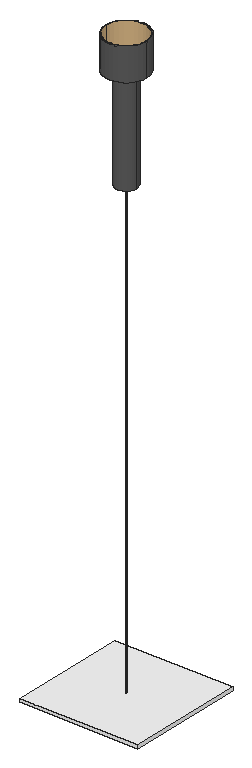
Revit family "BE_50980.4_de_DE", category Leuchten, Revit 2020
Family settings
  Basisbauteil = Fläche
  Bemaßung runder Anschluss = Durchmesser verwenden
  Teiletyp = Normal
  Beim Laden mit Abzugskörper schneiden = Ja
  Lichtquelle = Ja
  Gemeinsam genutzt = Nein
  Raumberechnungspunkt = Ja
Parameters (values of type "BEGA_50980.4_K3")
  built-in parameter 1150104 = 11.947 (stored number, unit not read)
  Wattage = 24.5 W
  Default Elevation = 0 mm
  built-in parameter 1150113 = 1 (stored number, unit not read)
  built-in parameter 1114218 = 1 (stored number, unit not read)
  Umgebungstemperatur = "25 °C"
  URL = "https://www.bega.com/de/produkt/50980.4"
  Typenkommentare = "© 2022 BEGA. Wir behalten uns das Recht vor, technische Änderungen ohne vorherige Ankündigung vorzunehmen."  # constant formula
  built-in parameter 1150134 = (empty or 0)
  built-in parameter 1150109 = 1 (stored number, unit not read)
  Strom = "0,7 A"
  built-in parameter 1150110 = 1 (stored number, unit not read)
  Spannung = 0 V
  Sonderanfertigung = no
  Seriennummer [instance] = "Hier können Sie die eindeutige Seriennummer für das Facility Management eintragen."
  Schutzklasse = "III"
  Schutzart = "IP 20"
  Scheinlast = 0 VA
  Produktdatenblatt = "https://cdn.bega.com/bega/products/50980.4K3/current/documents/data-sheets/de"
  Oberflächentemperatur = ""
  Neigungswinkel = 0.00°
  Modell = "50980.4K3"
  Material_35 = BEGA_Oberfläche_Samtschwarz_matt
  Material_31 = BEGA_Oberfläche_Messing_matt
  Material_18 = BEGA_Gummi_schwarz
  Material_17 = BEGA_Reflektor
  Material_15 = BEGA_Leuchtmedium_matt
  Material_13 = BEGA_Kunststoff_matt
  Material_11 = BEGA_Glas_opal
  Material_09 = BEGA_Glas_klar
  Material_06 = BEGA_Oberfläche_Edelstahl_gebürstet
  Material_03 = BEGA_Oberfläche_Weiss_matt
  Material_02 = BEGA_Oberfläche_Silber_matt
  Material_01 [instance] = BEGA_Oberfläche_Grafit_matt
  M_W = no
  M_G = no
  M_A = no
  Logo = 0
  built-in parameter 1114217 = 1 (stored number, unit not read)
  built-in parameter 1150139 = (empty or 0)
  built-in parameter 1150105 = 250.72 (stored number, unit not read)
  built-in parameter 1150114 = 1 (stored number, unit not read)
  Lumens = 3150.7 lm
  built-in parameter 1150115 = 1 (stored number, unit not read)
  Leuchtenlichtstrom = "1535 lm"
  Leuchtenanzahl = ""
  Lebensdauerkriterien = "L70B50 @ 25 °C = 140000 h"
  Lastklassifizierung = Beleuchtung
  built-in parameter 1150112 = 1 (stored number, unit not read)
  Lampenlichtstrom = "3150 lm"
  Lampe = "LED 24.5 W"
  LED_Modulbezeichnung = "LED-0836/930"
  Hersteller = "BEGA"  # constant formula
  Halbstreuwinkel = ""
  Gewicht = "0.95 kg"
  Gebrauchslageneinschränkung [instance] = ""
  Frequenz = ""
  Farbwiedergabeindex = "CRI > 90"
  Farbtemperaturverschiebung bei Dämpfen der Lampe = <Keine Auswahl>
  Farbtemperatur = "3000 K"
  Color Filter = 16777215
  built-in parameter 1150133 = 10 (stored number, unit not read)
  Energieeffizienzklasse = "LED A++ - A"
  built-in parameter 1150137 = (empty or 0)
  built-in parameter 1150132 = (empty or 0)
  ENEC = "ja"
  Dimmbar [instance] = "BLE / Zigbee --> DALI"
  Datei für fotometrisches Netz = "BE_50980.4K3.IES"
  CE_Konformität = "ja"
  Bestellnummer = "50980.4K3"
  Beschreibung_Sonderanfertigung = "Hier können Sie Informationen zur Sonderanfertigung eintragen."
  Beschreibung = "Systempendelleuchte"
  built-in parameter 1150106 = 2.5072 (stored number, unit not read)
  Befestigungsbohrung = ""
  Befestigungsabstand = ""
  Ballwurfsicher = ""
  BEGA_Intern_aus = yes
  BEGA_Intern_an = yes
  BEGA_Intern_Konstruktion = yes
  BEGA_Intern = yes
  BEGA_IES = yes
  BEGA_Dummy = no
  Anschlussleitung = ""
  Anschlussleistung [instance] = "28.8 W"
  Anschlusskasten = ""
  built-in parameter 1150107 = 3000 (stored number, unit not read)
  built-in parameter 1150102 = (empty or 0)
  built-in parameter 1150138 = (empty or 0)
  Aktualisierung = "2022-05-19T04:00:07"
  Abstand_zur_angestrahlten_Fläche [instance] = ""
  AC/DC = ""
Reference planes
  plane 1 "Mitte (Vorne/Hinten)": y = 0
  plane 2: z = 0
  plane 3 "Mitte (Links/Rechts)": x = 0
  plane 4 "Links": x = -70
  plane 5 "Rechts": x = 70
  plane 6 "Unten": y = -70
  plane 7 "Oben": y = 70
  plane 8 "Vorne": z = 2000
  plane 9 "Hinten": z = 0
Forms (mm)
  Extrusion 1, solid, material "BEGA_Platte_Weiss"
    sketch origin (0, -1119.2, 0) x (1, 0, 0) y (0, 1, 0)
      loop
        line (-200, 1319.2) -> (-200, 919.2) -> (200, 919.2) -> (200, 1319.2) -> (-200, 1319.2)
    from 0 to -10
  Extrusion 2, solid, material "BEGA_Dummy_matt", visible <- "BEGA_Dummy"
    sketch origin (77.149, -76.023, 0) x (1, 0, 0) y (0, 1, 0)
      loop
        circle (-77.149, 76.023) r 70
    from 0 to 2000
Dimensions and locks
  plane 1 "Mitte (Vorne/Hinten)" to Extrusion 1 = 200 mm
  aligned and locked: plane 2 to Extrusion 1
  aligned and locked: level to Extrusion 1
Nested families
  nested 1: "BE_50980.4" at (0, 0, 0), type "BE_50980.4"
Connectors
  electrical at (0, 0, 0), driven by "Lastklassifizierung", driven by "Spannung", driven by "Scheinlast"
    settings: index 1, voltage 0 V, apparent load 0 VA, apparent load phase1 0 VA, apparent load phase2 0 VA, apparent load phase3 0 VA, power factor 1, load classification "Beleuchtung", number of poles 1, system type 31, power factor state 1, is connector primary yes, connector utility no, sub classification motor no, connector description ""
Definition of nested family "BE_50980.4"
  Parameters (values of type "BE_50980.4")
    Default Elevation = 1 mm
    URL = "http://www.bega.de/de/produkt"
    Type Comments = "© 2015 BEGA. Wir behalten uns das Recht vor, technische Änderungen ohne vorherige Ankündigung vorzunehmen. "  # constant formula
    Type Image = (empty or 0)
    Neigungswinkel_um_Z2 = 0.00°
    Neigungswinkel_um_Z1 = 0.00°
    Neigungswinkel_um_Y2 = 0.00°
    Neigungswinkel_um_Y1 = 0.00°
    Neigungswinkel_um_X2 = 0.00°
    Neigungswinkel_um_X1 = 0.00°
    Material_35 = none
    Material_31 = none
    Material_18 = none
    Material_17 = none
    Material_15 = none
    Material_13 = none
    Material_11 = none
    Material_09 = none
    Material_06 = none
    Material_02 = none
    Material_01 = none
    M_W = yes
    M_G = yes
    M_A = yes
    Länge_Platte = 200 mm  # constant formula
    Höhe_Platte = -10 mm  # constant formula
    Manufacturer = "BEGA"  # constant formula
    Drehwinkel_um_Z2 = 0.00°
    Drehwinkel_um_Z1 = 0.00°
    Breite_Platte = 200 mm  # constant formula
  Reference planes
    plane 1 "Mitte (Oben/Unten)": y = 0
    plane 2: z = 0
    plane 3 "Mitte (Links/Rechts)": x = 0
    plane 4: z = 2000
    plane 5: y = 70
    plane 6: x = 70
    plane 7: y = -70
    plane 8: x = -70
  Forms (mm)
    Extrusion 1, solid, detail levels medium
      sketch origin (0, 0, 0) x (1, 0, 0) y (0, 1, 0)
        loop
          line (-100, 100) -> (-100, -100) -> (100, -100) -> (100, 100) -> (-100, 100)
      from 0 to -10 <- "Höhe_Platte"
    Revolve 2, solid, material <- "Material_31"
      sketch origin (0, 0, 0) x (1, 0, 0) y (0, 0, 1)
        loop
          line (-69.121, 2000) -> (-69.121, 1890) -> (-68, 1890) -> (-68, 2000) -> (-69.121, 2000)
        axis (0, 1890) -> (0, 2000)
      angle from 0 to 360
    Revolve 3, solid, material <- "Material_13"
      sketch origin (0, 0, 0) x (1, 0, 0) y (0, 0, 1)
        loop
          line (0, 1923.415) -> (0, 1924.915)
          arc (0, 1924.915) -> (-14.422, 1920.548) -> (-24, 1908.915) r 26
          line (-24, 1908.915) -> (-25.5, 1908.915) -> (-25.5, 1907.315) -> (-23.015, 1907.315)
          arc (-23.015, 1907.315) -> (-14.044, 1918.99) -> (0, 1923.415) r 24.5
        axis (0, 1907.315) -> (0, 1924.915)
      angle from 0 to 360
    Revolve 4, solid, material <- "Material_35"
      sketch origin (0, 0, 0) x (1, 0, 0) y (0, 0, 1)
        loop
          line (-33.5, 1908.415) -> (-35, 1908.415) -> (-35, 1541.415) -> (0, 1541.415) -> (0, 1542.612) -> (-33.5, 1542.612) -> (-33.5, 1908.415)
        axis (0, 1541.415) -> (0, 1908.415)
      angle from 0 to 360
    Revolve 5, solid, material <- "Material_18"
      sketch origin (0, 0, 0) x (1, 0, 0) y (0, 0, 1)
        loop
          line (-1.65, 0) -> (0, 0) -> (0, 1541.415) -> (-1.65, 1541.415) -> (-1.65, 0)
        axis (0, 0) -> (0, 1541.415)
      angle from 0 to 360
    Extrusion 6, solid, material <- "Material_31"
      sketch origin (0, 0, 0) x (1, 0, 0) y (0, 1, 0)
        loop
          line (-1.5, 33.216) -> (-1.5, 61.555)
          arc (-1.5, 61.555) -> (-2.8, 64.506) -> (-5.856, 65.539) r 4
          arc (-5.856, 65.539) -> (-56.984, 32.9) -> (-59.686, -27.698) r 65.8
          arc (-59.686, -27.698) -> (-57.261, -29.829) -> (-54.053, -29.475) r 4
          line (-54.053, -29.475) -> (-29.516, -15.309)
          arc (-29.516, -15.309) -> (-28.795, 16.625) -> (-1.5, 33.216) r 33.25
        loop
          line (1.5, 61.555) -> (1.5, 33.216)
          arc (1.5, 33.216) -> (28.795, 16.625) -> (29.516, -15.309) r 33.25
          line (29.516, -15.309) -> (54.053, -29.475)
          arc (54.053, -29.475) -> (57.261, -29.829) -> (59.686, -27.698) r 4
          arc (59.686, -27.698) -> (56.984, 32.9) -> (5.856, 65.539) r 65.8
          arc (5.856, 65.539) -> (2.8, 64.506) -> (1.5, 61.555) r 4
        loop
          arc (-52.553, -32.073) -> (-54.463, -34.675) -> (-53.83, -37.841) r 4
          arc (-53.83, -37.841) -> (0, -65.8) -> (53.83, -37.841) r 65.8
          arc (53.83, -37.841) -> (54.463, -34.675) -> (52.553, -32.073) r 4
          line (52.553, -32.073) -> (28.016, -17.907)
          arc (28.016, -17.907) -> (0, -33.25) -> (-28.016, -17.907) r 33.25
          line (-28.016, -17.907) -> (-52.553, -32.073)
        loop
          circle (0, 0) r 68
      from 1910.05 to 1911.55
    Revolve 7, solid, material <- "Material_35"
      sketch origin (0, 0, 0) x (1, 0, 0) y (0, 0, 1)
        loop
          line (-70, 2000) -> (-70, 1890) -> (-69.121, 1890) -> (-69.121, 2000) -> (-70, 2000)
        axis (0, 1890) -> (0, 2000)
      angle from 0 to 360
    Revolve 8, solid, material <- "Material_31"
      sketch origin (0, 0, 0) x (1, 0, 0) y (0, 0, 1)
        loop
          line (-33.5, 1914.415) -> (-35, 1914.415) -> (-35, 1908.415) -> (-33.4, 1908.415) -> (-33.4, 1897.415) -> (-22.75, 1897.415) -> (-22.75, 1907.315) -> (-25.5, 1907.315) -> (-25.5, 1908.915) -> (-24, 1908.915) -> (-24, 1909.915) -> (-33.5, 1909.915) -> (-33.5, 1914.415)
        axis (0, 1897.415) -> (0, 1914.415)
      angle from 0 to 360
  Cuts and joins
    joined: Revolve 2, Extrusion 6
  Dimensions and locks
    equal spacing: Extrusion 1 sketch curve, plane 3 "Mitte (Links/Rechts)", Extrusion 1 sketch curve
    equal spacing: Extrusion 1 sketch curve, plane 1 "Mitte (Oben/Unten)", Extrusion 1 sketch curve
    "Länge_Platte": Extrusion 1 sketch curve to Extrusion 1 sketch curve
    "Breite_Platte": Extrusion 1 sketch curve to Extrusion 1 sketch curve
    aligned and locked: plane 2 to Extrusion 1
    aligned and locked: level to Extrusion 1
  Automatic sketch dimensions
    Revolve 3 sketch curve to plane 3 "Mitte (Links/Rechts)" = 0 mm  (x3)
    Revolve 3 sketch curve to Revolve 3 sketch curve = 1.5 mm
    plane 3 "Mitte (Links/Rechts)" to Revolve 3 sketch curve = 0 mm
    Revolve 3 sketch curve to Revolve 3 sketch curve = 0 mm
    Revolve 3 sketch curve to Revolve 3 sketch curve = 10 mm
    Revolve 3 sketch curve to Revolve 3 sketch curve = 0.985 mm
    Revolve 3 sketch curve to Revolve 3 sketch curve = 24.5 mm
    Revolve 3 sketch curve to Revolve 3 sketch curve = 1.6 mm
    Revolve 5 sketch curve to plane 3 "Mitte (Links/Rechts)" = 1.65 mm
    Revolve 5 sketch curve to Revolve 5 sketch curve = 1541.415 mm
    Revolve 5 sketch curve to plane 3 "Mitte (Links/Rechts)" = 0 mm
    Revolve 5 sketch curve to level = 0 mm
    plane 1 "Mitte (Oben/Unten)" to Extrusion 6 sketch curve = 0 mm
    Extrusion 6 sketch curve to plane 3 "Mitte (Links/Rechts)" = 0 mm
    Extrusion 6 sketch curve to plane 3 "Mitte (Links/Rechts)" = 1.5 mm
    Extrusion 6 sketch curve to plane 1 "Mitte (Oben/Unten)" = 33.216 mm
    plane 1 "Mitte (Oben/Unten)" to Extrusion 6 sketch curve = 15.309 mm  (x2)
    Extrusion 6 sketch curve to Extrusion 6 sketch curve = 28.339 mm
    Extrusion 6 sketch curve to Extrusion 6 sketch curve = 0 mm  (x22)
    plane 3 "Mitte (Links/Rechts)" to Extrusion 6 sketch curve = 1.5 mm
    Extrusion 6 sketch curve to Extrusion 6 sketch curve = 24.537 mm  (x2)
    Extrusion 6 sketch curve to Extrusion 6 sketch curve = 14.166 mm  (x2)
    Extrusion 6 sketch curve to Extrusion 6 sketch curve = 1.5 mm  (x4)
    Extrusion 6 sketch curve to Extrusion 6 sketch curve = 2.598 mm  (x3)
    Extrusion 6 sketch curve to Extrusion 6 sketch curve = 1.995 mm  (x2)
    Extrusion 6 sketch curve to Extrusion 6 sketch curve = 3.467 mm  (x2)
    Extrusion 6 sketch curve to Extrusion 6 sketch curve = 3.272 mm
    Extrusion 6 sketch curve to Extrusion 6 sketch curve = 2.005 mm  (x2)
    Extrusion 6 sketch curve to Extrusion 6 sketch curve = 3.461 mm  (x2)
    Extrusion 6 sketch curve to Extrusion 6 sketch curve = 1.278 mm
    Extrusion 6 sketch curve to Extrusion 6 sketch curve = 3.628 mm  (x2)
    Extrusion 6 sketch curve to Extrusion 6 sketch curve = 5.768 mm
    plane 3 "Mitte (Links/Rechts)" to Extrusion 6 sketch curve = 5.856 mm
    Extrusion 6 sketch curve to Extrusion 6 sketch curve = 4 mm  (x2)
    Extrusion 6 sketch curve to Extrusion 6 sketch curve = 0.356 mm
    Extrusion 6 sketch curve to Extrusion 6 sketch curve = 11.942 mm
    Revolve 2 sketch curve to plane 3 "Mitte (Links/Rechts)" = 0 mm
    Revolve 2 sketch curve to plane 3 "Mitte (Links/Rechts)" = 68 mm
    Revolve 2 sketch curve to Revolve 2 sketch curve = 1.121 mm
    Revolve 2 sketch curve to Revolve 2 sketch curve = 110 mm
    Revolve 2 sketch curve to Revolve 2 sketch curve = 493.606 mm
    Revolve 2 sketch curve to Revolve 2 sketch curve = 2 mm
    Revolve 7 sketch curve to plane 3 "Mitte (Links/Rechts)" = 70 mm
    Revolve 7 sketch curve to Revolve 7 sketch curve = 110 mm
    Revolve 7 sketch curve to Revolve 7 sketch curve = 0.879 mm
    Revolve 4 sketch curve to plane 3 "Mitte (Links/Rechts)" = 0 mm  (x2)
    Revolve 4 sketch curve to Revolve 4 sketch curve = 33.5 mm
    Revolve 4 sketch curve to Revolve 4 sketch curve = 1.197 mm
    Revolve 4 sketch curve to Revolve 4 sketch curve = 1.5 mm
    Revolve 4 sketch curve to Revolve 4 sketch curve = 0 mm
    Revolve 4 sketch curve to Revolve 4 sketch curve = 365.803 mm
    Revolve 4 sketch curve to Revolve 4 sketch curve = 93.585 mm
    Revolve 8 sketch curve to plane 3 "Mitte (Links/Rechts)" = 35 mm
    Revolve 8 sketch curve to Revolve 8 sketch curve = 1.5 mm  (x3)
    Revolve 8 sketch curve to Revolve 8 sketch curve = 6 mm
    Revolve 8 sketch curve to Revolve 8 sketch curve = 1.6 mm
    Revolve 8 sketch curve to Revolve 8 sketch curve = 7.9 mm
    Revolve 8 sketch curve to Revolve 8 sketch curve = 1.1 mm
    Revolve 8 sketch curve to Revolve 8 sketch curve = 2.75 mm
    Revolve 8 sketch curve to Revolve 8 sketch curve = 9.9 mm
    Revolve 8 sketch curve to Revolve 8 sketch curve = 1 mm
    level to Revolve 2 sketch curve = 1890 mm
    level to Revolve 3 sketch curve = 1898.915 mm
    Revolve 3 sketch curve to Revolve 3 sketch curve = 502.52 mm
    Revolve 3 sketch curve to Revolve 3 sketch curve = 77.085 mm
    level to Revolve 4 sketch curve = 1541.415 mm
    Revolve 7 sketch curve to plane 3 "Mitte (Links/Rechts)" = 0 mm
    level to Revolve 7 sketch curve = 1890 mm
    Revolve 7 sketch curve to Revolve 7 sketch curve = 493.606 mm
    Revolve 7 sketch curve to Revolve 7 sketch curve = 2 mm
    Revolve 8 sketch curve to plane 3 "Mitte (Links/Rechts)" = 0 mm
    level to Revolve 8 sketch curve = 1897.415 mm
    Revolve 8 sketch curve to Revolve 8 sketch curve = 501.02 mm
    Revolve 8 sketch curve to Revolve 8 sketch curve = 87.585 mm
